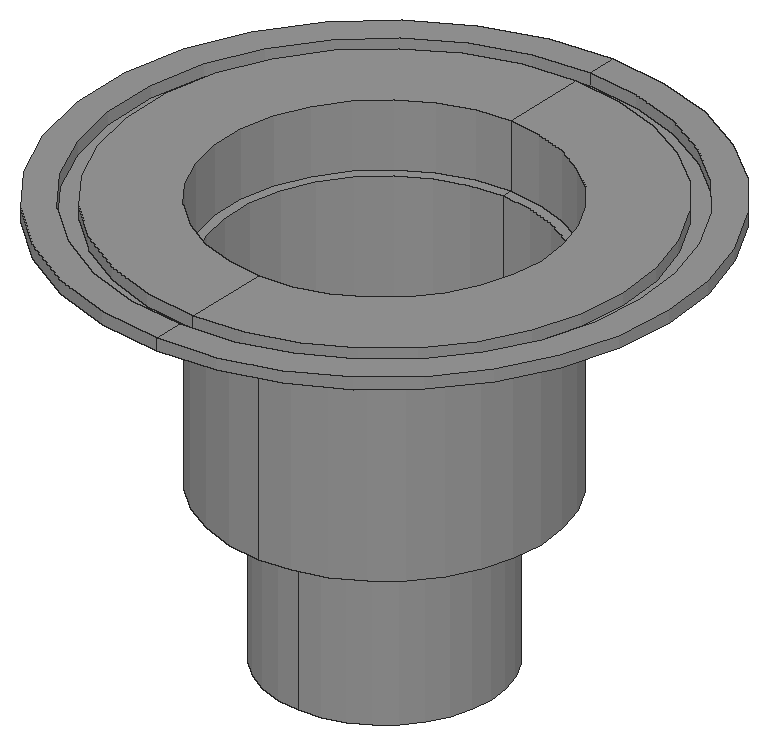
Revit family "HL_Трап для балконов и террас_HL310NK", category Instalační zařizovací předměty, Revit 2016
Family settings
  Typ součásti = Normální
  Kóta kulaté spojky = Použít průměr
  Číslo OmniClass = 23.70.50.21.24.14
  Nadpis OmniClass = Deck Waste Water Drains
  Založené na pracovní rovině = Ne
  Vždy vertikální = Ano
  Ořezat dutým tvarem při načtení = Ne
  Sdílené = Ne
  Bod výpočtu místnosti = Ano
Parameters (values of type "HL_Трап для балконов и террас_HL310NK")
  РАЗМЕР = "DN50/75/110"
  ПРОПУСКНАЯ СПОСОБНОСТЬ [instance] = 0.0 L/s
  ПРАВОВАЯ ИНФОРМАЦИЯ = "\"Авторские права(©), права на дизайн или какие либо другие права интелектуальной собственности являются исключительной собственностью компании HL Hutterer & Lechner. Изменению не подлежит. Файл семейства с данными о прозводителе изделия защищен паролем с водяным знаком.\""
  НОМИНАЛЬНЫЙ ДИАМЕТР [instance] = 75 mm
  МАТЕРИАЛ = "PE"
  ВЫСОТА МОНТАЖА = "144 mm"
  ВЕС = "0,233 kg"
  Výrobce = "HL Hutterer & Lechner GmbH"
  URL = "https://www.hutterer-lechner.com/ru/products/catalog/floor-drains/vertical/flange/HL310nk.aspx"
  Материал плитка [instance] = none
  Připojení ventilace = no
  Připojení odpadu = yes
  Připojení HW = no
  Připojení CW = no
  Popis = "Трап для балконов и террас"
  Model = "HL310NK"
  Assembly Code = " "
  Komentáře k typům = "Корпус трапа для внутренних помещений DN50/75/110 вертикальный"
  Keynote = "HL310NK"
  IH [instance] = Высота монтажа 1 + Высота монтажа 2  # 0 mm
  Высота монтажа 2 [instance] = 0 mm
  Высота монтажа 1 [instance] = 0 mm
  G [instance] = 180.00°  # constant formula
  EAN = "9003076008674"
  D [instance] = 117 mm  # constant formula
  C [instance] = if(IH - 68 mm < 0 mm, 0 mm, IH - 68 mm)  # 0 mm
  B [instance] = IH + 27 mm  # 27 mm
  A [instance] = if(B - 100 mm > 15 mm, B - 100 mm, 15 mm)  # 15 mm
Reference planes
  plane 1 "Center (Front/Back)": y = 0
  plane 2: z = 0
  plane 3 "Center (Left/Right)": x = 0
  plane 4: z = -27
  plane 5: z = 0
  plane 6: z = 0
Lines and regions (mm)
  model lines, style "InvisibleLines"
    curve 1: line (0, 0, 0) -> (0, 0, 20)
  model lines, style "PlumbingFixtures", detail levels coarse+medium
    curve 2: line (0, 0, -27) -> (0, 0, -12)
    curve 3: line (0, 0, -12) -> (-12, 0, 0)
    curve 4: line (0, 0, -12) -> (12, 0, 0)
    curve 6: line (0, 0, -27) -> (0, 0, -144)
  reference lines, not visible
    curve 5: line (0, 0, -27) -> (0, 0, -144)
  symbolic lines, style "PlumbingFixtures", detail levels coarse+medium
    curve 7: line (-75, 75, 0) -> (75, 75, 0)
    curve 8: line (-75, -75, 0) -> (-75, 75, 0)
    curve 9: line (75, -75, 0) -> (-75, -75, 0)
    curve 10: line (75, 75, 0) -> (75, -75, 0)
    curve 11: line (-75, 75, 0) -> (-145.711, 145.711, 0)
    curve 12: line (75, 75, 0) -> (145.711, 145.711, 0)
    curve 13: line (-75, -75, 0) -> (-145.711, -145.711, 0)
    curve 14: line (75, -75, 0) -> (145.711, -145.711, 0)
  symbolic lines, style "PlumbingFixtures", not visible, detail levels coarse+medium
    curve 15: line (-75, 75, 0) -> (75, 75, 0)
    curve 16: line (-75, -75, 0) -> (-75, 75, 0)
    curve 17: line (75, -75, 0) -> (-75, -75, 0)
    curve 18: line (75, 75, 0) -> (75, -75, 0)
    curve 19: line (-75, 75, 0) -> (-145.711, 145.711, 0)
    curve 20: line (75, 75, 0) -> (145.711, 145.711, 0)
    curve 21: line (-75, -75, 0) -> (-145.711, -145.711, 0)
    curve 22: line (75, -75, 0) -> (145.711, -145.711, 0)
Text (mm)
  text "FLOOR" at (-162.344, 0, -10.979), in view "вид строительства"
Dimensions and locks
  "B": plane 2 to plane 4
  "IH": plane 2 to plane 5
  "A": curve 4 to plane 4
  "D": curve 5 to curve 5
  "D": curve 6 to curve 6
  "Высота монтажа 1": plane 2 to plane 6
  locked: curve 4 to plane 3 "Center (Left/Right)" (angle 45.00°)
  locked: plane 3 "Center (Left/Right)" to curve 3 (angle 45.00°)
  "G": angle curve 5 to plane 3 "Center (Left/Right)"
  aligned and locked: level to plane 2
  aligned and locked: plane 2 to curve 4
  aligned and locked: plane 2 to curve 3
  aligned and locked: plane 4 to curve 5
  aligned and locked: plane 3 "Center (Left/Right)" to curve 5
  aligned and locked: plane 4 to curve 2
  aligned and locked: plane 3 "Center (Left/Right)" to curve 6
  aligned and locked: plane 4 to curve 6
  aligned and locked: plane 3 "Center (Left/Right)" to nested 1
  aligned and locked: plane 5 to nested 1
Automatic sketch dimensions
  curve 2 to plane 3 "Center (Left/Right)" = 0 mm
  curve 1 to plane 3 "Center (Left/Right)" = 0 mm
  curve 1 to level = 0 mm
  level to curve 1 = 20 mm
Nested families
  nested 1: "HL-Корпус-HL310NK" at (0, 0, 0), type "HL310NK"
Connectors
  piping at (0, 0, -144), diameter 75, driven by "ПРОПУСКНАЯ СПОСОБНОСТЬ", driven by "НОМИНАЛЬНЫЙ ДИАМЕТР"
    settings: on curve 5, index 1, connector inside diameter 609.6 mm, connector length 0 mm, flow factor 0, pipe flow 0.0 L/s, pressure drop 0.0 Pa, fitting loss kfactor 0, connector angle 0.00°, fixture units 0, engagement length 0 mm, angle of deflection 0.00°, flow configuration 1, flow direction 2, fitting loss method 0, system type 16, joint type 0, gender type 0, connector reference index -1, connector utility 0, adjustable connector yes, is connector primary yes, connector description ""
Definition of nested family "HL-Корпус-HL310NK"
  Parameters (values of type "HL310NK")
    РАЗМЕР = "DN50/75/110"
    ПРАВОВАЯ ИНФОРМАЦИЯ = "Авторские права(©), права на дизайн или какие либо другие права интелектуальной собственности являются исключительной собственностью компании HL Hutterer & Lechner. Изменению не подлежит. Файл семейства с данными о прозводителе изделия защищен паролем с водяным знаком."  # constant formula
    МАТЕРИАЛ = "PE"
    ВЫСОТА МОНТАЖА = "144 mm"
    ВЕС = "0,23 [kg]"
    Waste Connection = yes
    Vent Connection = no
    Manufacturer = "HL Hutterer & Lechner GmbH"  # constant formula
    URL = "http://www.hutterer-lechner.com/ru/products/catalog/floor-drains/attachments/HL310nk.aspx"
    HW Connection = no
    Description = "Трапы для внутренних помещений - Комплектующие"
    Model = "HL310NK"
    Type Comments = "HL310NK пус трапа для внутренних помещений DN50/75/110 вертикальный"
    Keynote = "HL310NK"
    EAN = "9003076008674"
    CW Connection = no
  Reference planes
    plane 1 "Center (Front/Back)": y = 0
    plane 2: z = 0
    plane 3 "Center (Left/Right)": x = 0
    plane 4 "Ball Joint Vertical": x = 25.45
  Forms (mm)
    Revolve 1, solid, detail levels fine
      sketch origin (0, 0, 0) x (0, 1, 0) y (0, 0, 1)
        loop
          line (55.35, 0) -> (55.35, -22) -> (52, -22) -> (52, -86.396) -> (20, -86.396) -> (20, -88.396) -> (22, -88.396) -> (22, -89.396) -> (22, -144.396) -> (25, -144.396) -> (25, -89.396) -> (34.5, -89.396) -> (34.5, -144.396) -> (37.5, -144.396) -> (37.5, -89.396) -> (55, -89.396) -> (55, -27) -> (58.349, -27) -> (58.349, -7.5) -> (93, -7.5) -> (93, -4) -> (100, -4) -> (100, 0) -> (90, 0) -> (90, -4) -> (84, -4) -> (84, 0) -> (55.35, 0)
        axis (0, 0) -> (0, -144.396)
      angle from 0 to 360
  Text (mm)
    text "ROOF/FLOOR" at (-198.233, 0, -26.556), in view "Drain Construction View"
  Dimensions and locks
    locked: plane 4 "Ball Joint Vertical" to plane 3 "Center (Left/Right)" at 25.45
    aligned and locked: level to plane 2
